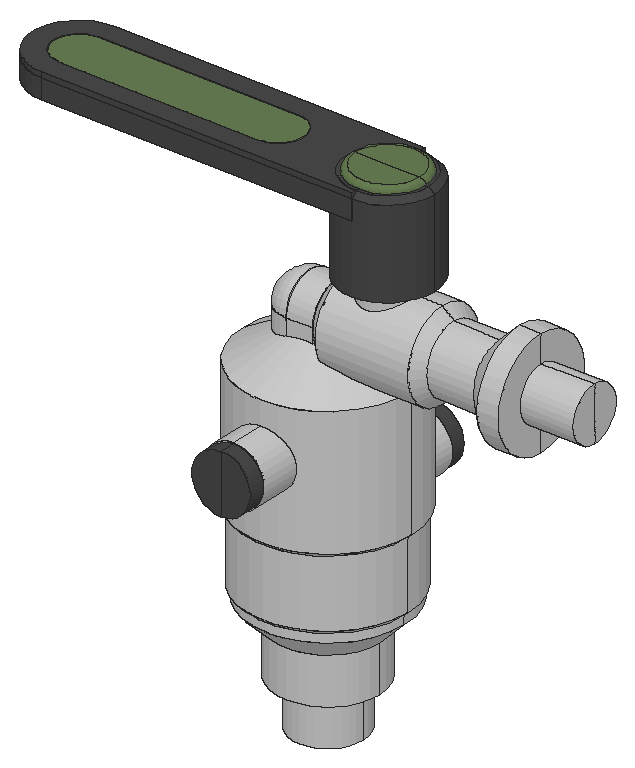
Revit family "HERZ Tap Valve With Integrated System Separator 0300", category Rohrzubehör, Revit 2019
Family settings
  Bemaßung runder Anschluss = Durchmesser verwenden
  Teiletyp = Unterbricht
  OmniClass-Nummer = 23.65.55.14
  OmniClass-Titel = Valves for Liquid Services
  Arbeitsebenenbasiert = Nein
  Immer vertikal = Ja
  Beim Laden mit Abzugskörper schneiden = Nein
  Gemeinsam genutzt = Nein
Parameters (values of type "DN15 auf DN20")
  W02 = 60.00°  # constant formula
  W01 = 45.00°  # constant formula
  URL = "www.herzvalves.com"
  System separator cartridge = "high quality, lime-repellent plastic."  # constant formula
  STL02 = 37.500 mm  # constant formula
  STL01 = 33.000 mm  # constant formula
  STD02 = 8.200 mm  # constant formula
  STD01 = 8.500 mm  # constant formula
  SCTWSEQ = "AW;SBT_TYP_AW=\"104\";2"
  SCTWCODE = "04;12;02"  # constant formula
  S05 = R03 - 2.000 mm  # 10.400 mm
  S04 = 33.000 mm  # constant formula
  S03 = 25.000 mm  # constant formula
  S02 = 45.000 mm  # constant formula
  S01 = 13.000 mm  # constant formula
  R09 = 13.000 mm  # constant formula
  R05 = 8.000 mm  # constant formula
  R04 = 8.500 mm  # constant formula
  R03 = 12.400 mm  # constant formula
  R02 = 9.500 mm  # constant formula
  R01 = 15.000 mm  # constant formula
  NennweiteEin [instance] = if([15_20], 15.000 mm, if([20_20], 20.000 mm, if([20_25], 20.000 mm, 0.000 mm)))  # 15.000 mm
  NennweiteAus [instance] = if([15_20], 20.000 mm, if([20_20], 20.000 mm, if([20_25], 25.000 mm, 0.000 mm)))  # 20.000 mm
  Model = "The system separator of type BA integrated in this take-off fitting has been developed according to the standard DIN EN 1717.\r\nAccording to this standard, the water quality is divided up into 5 classes depending on the degree of contamination.\r\nSystem separators of type BA provide protection against non-drinking water up to hazard class 4.\r\nThis is the highest hazard class that may be safeguarded with a valve.\r\nThe installation of a dirt trap upstream of the system separator helps to guarantee constant and faultless function.\r\nIt is only possible to install this fitting vertically."
  Medium = "Water (without steam)"  # constant formula
  Max. permissible temperature (short-term) = 80 °C  # constant formula
  Max. operating temperature = 65 °C  # constant formula
  Max. operating pressure = 1000000.0 Pa  # constant formula
  LO01 = 34.500 mm  # constant formula
  L11 = 77.500 mm  # constant formula
  L10 = 57.500 mm  # constant formula
  L09 = 58.000 mm  # constant formula
  L08 = 2.500 mm  # constant formula
  L07 = 26.000 mm  # constant formula
  L06 = 6.000 mm  # constant formula
  L05 = 15.000 mm  # constant formula
  L04 = 5.000 mm  # constant formula
  L03 = 100.000 mm  # constant formula
  L02 = 58.000 mm  # constant formula
  L01 = 75.000 mm  # constant formula
  Installation position = "vertical"  # constant formula
  Note = "Pursuant to Article 33 of the REACH Regulation (EC No. 1907/2006), we are obliged to point out that the material lead is listed on the SVHC list and that all brass components manufactured in our products exceed 0.1% (w / w) lead (CAS: 7439-92-1 / EINECS: 231-100-4).\r\nSince lead is a component part of an alloy, actual exposure is not possible and therefore no additional information on safe use is necessary."
  Hersteller = "HERZ Armaturen Ges.m.b.H."  # constant formula
  H08 = 15.000 mm  # constant formula
  H07 = 36.000 mm  # constant formula
  H06 = 19.000 mm  # constant formula
  H05 = 2.500 mm  # constant formula
  H04 = 13.000 mm  # constant formula
  H03 = 13.000 mm  # constant formula
  H02 = 105.000 mm  # constant formula
  H01 = 146.000 mm - H02  # 41.000 mm
  Seals = "EPDM"  # constant formula
  Part number = if([15_20], "I030001", if([20_20], "I030002", if([20_25], "I030012", "0")))  # "I030001"
  Body = "pressed brass (CW617N), chrome-plated."  # constant formula
  Application = "This take-off fitting with integrated system separator (BA) is designed for installation above a drainage fixture or for outdoor installation (e.g. as a garden valve).\r\nThe fitting comprises an intake-side ball valve and a downstream system separator of type BA according to DIN EN 1717."
  20_25 = no
  20_20 = no
  15_20 = yes
  D05 = 14.500 mm  # constant formula
  D04 = 21.500 mm  # constant formula
  D03 = 22.500 mm  # constant formula
  D02 = 7.000 mm  # constant formula
  D01 = 23.500 mm  # constant formula
  AGein [instance] = NennweiteEin / 2  # 7.500 mm
  AGaus [instance] = NennweiteAus / 2  # 10.000 mm
Types (4, lengths in mm): name | NennweiteEin | NennweiteAus | Part number | 20_25 | 20_20 | 15_20 | AGein | AGaus
  (no name) | 15.000 | 20.000 | "I030001" | no | no | yes | 7.500 | 10.000
  DN15 auf DN20 | 15.000 | 20.000 | "I030001" | no | no | yes | 7.500 | 10.000
  DN20 auf DN20 | 20.000 | 20.000 | "I030002" | no | yes | no | 10.000 | 10.000
  DN20 auf DN25 | 20.000 | 25.000 | "I030012" | yes | no | no | 10.000 | 12.500
Reference planes
  plane 1 "Mitte (Vorne/hinten)": y = 0
  plane 2: z = 0
  plane 3 "Mitte (Links/rechts)": x = 0
Forms (mm)
  Revolve 1, solid, material "Messing, vernickelt", detail levels fine
    sketch origin (0, 0, -213.5) x (1, 0, 0) y (0, 0, 1)
      loop
        line (0, 108.5) -> (0, 213.5) -> (-7, 213.5) -> (-7, 210.526) -> (-23.5, 201) -> (-23.5, 165) -> (-22.5, 164) -> (-22.5, 145) -> (-21.5, 144) -> (-21.5, 141.5) -> (-14.5, 134.5) -> (-14.5, 121.5) -> (-10, 121.5) -> (-10, 108.5) -> (0, 108.5)
      axis (0, 213.5) -> (0, 108.5)
    angle from 0 to 360
  Revolve 2, solid, material "Messing, vernickelt", detail levels fine
    sketch origin (0, 0, 0) x (1, 0, 0) y (0, 0, 1)
      loop
        line (2.5, 0) -> (75, 0) -> (75, 7.5) -> (60, 7.5) -> (60, 15) -> (54, 15) -> (48.5, 9.5) -> (35.3, 9.5) -> (32.4, 12.4) -> (6.4, 12.4) -> (2.5, 8.5) -> (2.5, 0)
      axis (2.5, 0) -> (75, 0)
    angle from 0 to 360
  Extrusion 3, solid, material "Messing, vernickelt", detail levels fine
    sketch origin (0, 0, 0) x (0, 1, 0) y (0, 0, 1)
      loop
        arc (8.5, 0) -> (0, 8.5) -> (-8.5, 0) r 8.5
        line (-8.5, 0) -> (-8.5, -12.5) -> (8.5, -12.5) -> (8.5, 0)
    from 2.5 to -5
  Extrusion 4, solid, material "Messing, vernickelt", detail levels fine
    sketch origin (0, 0, 0) x (1, 0, 0) y (0, 1, 0)
      loop
        circle (-5, 0) r 8.5
    from -20 to 0
  Revolve 5, solid, material "Messing, vernickelt", detail levels fine
    sketch origin (0, 0, 0) x (1, 0, 0) y (0, 1, 0)
      loop
        arc (-5, 8.5) -> (-11.01, 6.01) -> (-13.5, 0) r 8.5
        line (-13.5, 0) -> (-5, 0) -> (-5, 8.5)
      axis (-5, 0) -> (-13.5, 0)
    angle from 0 to 360
  Revolve 6, solid, material "Messing, vernickelt", detail levels fine
    sketch origin (0, 0, 0) x (1, 0, 0) y (0, 0, 1)
      loop
        line (17, 0) -> (25, 0) -> (25, 15) -> (17, 15) -> (17, 0)
      axis (17, 15) -> (17, 0)
    angle from 0 to 360
  Revolve 7, solid, material "Kunststoff SCHWARZ", detail levels fine
    sketch origin (0, 0, 0) x (1, 0, 0) y (0, 0, 1)
      loop
        line (17, 15) -> (30, 15) -> (30, 39.5) -> (28.5, 41) -> (17, 41) -> (17, 15)
      axis (17, 15) -> (17, 41)
    angle from 0 to 360
  Revolve 8, solid, material "Kunststoff GRÜN", detail levels fine
    sketch origin (0, 0, 0) x (1, 0, 0) y (0, 0, 1)
      loop
        line (17, 42.5) -> (17, 41) -> (27.5, 41)
        arc (27.5, 41) -> (27.061, 42.061) -> (26, 42.5) r 1.5
        line (26, 42.5) -> (17, 42.5)
      axis (17, 42.5) -> (17, 41)
    angle from 0 to 360
  Extrusion 9, solid, material "Kunststoff SCHWARZ", detail levels fine
    sketch origin (0, 0, 0) x (1, 0, 0) y (0, 1, 0)
      loop
        line (17, 13) -> (-70, 13)
        arc (-70, 13) -> (-83, 0) -> (-70, -13) r 13
        line (-70, -13) -> (17, -13) -> (17, 13)
    from 34 to 39.5
  Extrusion 10, solid, material "Kunststoff SCHWARZ", detail levels fine
    sketch origin (0, 0, 0) x (1, 0, 0) y (0, 1, 0)
      loop
        line (17, 13) -> (-70, 13)
        arc (-70, 13) -> (-83, 0) -> (-70, -13) r 13
        line (-70, -13) -> (17, -13) -> (17, 13)
      loop
        arc (-70, 7) -> (-77, 0) -> (-70, -7) r 7
        line (-70, -7) -> (-14, -7)
        arc (-14, -7) -> (-7, 0) -> (-14, 7) r 7
        line (-14, 7) -> (-70, 7)
    from 39.5 to 41
  Extrusion 11, solid, material "Kunststoff GRÜN", detail levels fine
    sketch origin (0, 0, 0) x (1, 0, 0) y (0, 1, 0)
      loop
        arc (-70, 7) -> (-77, 0) -> (-70, -7) r 7
        line (-70, -7) -> (-14, -7)
        arc (-14, -7) -> (-7, 0) -> (-14, 7) r 7
        line (-14, 7) -> (-70, 7)
    from 39.5 to 41
  Revolve 12, solid, material "Messing, vernickelt", detail levels fine
    sketch origin (0, 0, 0) x (0, 1, 0) y (0, 0, 1)
      loop
        line (0, -39) -> (0, -47.5) -> (33, -47.5) -> (33, -39) -> (0, -39)
      axis (33, -47.5) -> (0, -47.5)
    angle from 0 to 360
  Revolve 13, solid, material "Messing, vernickelt", detail levels fine
    sketch origin (0, 0, 0) x (0, -1, 0) y (0, 0, 1)
      loop
        line (0, -19) -> (0, -27.5) -> (33, -27.5) -> (33, -19) -> (0, -19)
      axis (33, -27.5) -> (0, -27.5)
    angle from 0 to 360
  Revolve 14, solid, material "Kunststoff SCHWARZ", detail levels fine
    sketch origin (0, 0, 0) x (0, 1, 0) y (0, 0, 1)
      loop
        line (-33, -27.5) -> (-33, -19.3) -> (-37.5, -19.3) -> (-37.5, -27.5) -> (-33, -27.5)
      axis (-33, -27.5) -> (-37.5, -27.5)
    angle from 0 to 360
  Revolve 15, solid, material "Kunststoff SCHWARZ", detail levels fine
    sketch origin (0, 0, 0) x (0, -1, 0) y (0, 0, 1)
      loop
        line (-33, -47.5) -> (-33, -39.3) -> (-37.5, -39.3) -> (-37.5, -47.5) -> (-33, -47.5)
      axis (-33, -47.5) -> (-37.5, -47.5)
    angle from 0 to 360
Lines and regions (mm)
  model lines, detail levels coarse+medium
    curve 1: line (35.5, 0, 12.4) -> (35.5, 0, -12.4)
    curve 2: line (35.5, 0, -12.4) -> (2.5, 0, 12.4)
    curve 3: line (2.5, 0, 12.4) -> (2.5, 0, -12.4)
    curve 4: line (2.5, 0, -12.4) -> (35.5, 0, 12.4)
    curve 5: circle (10.02, 0, 0) r 10.4 normal (0, -1, 0)
    curve 6: line (35.5, 0, 0) -> (75, 0, 0)
    curve 7: line (60, 0, 15) -> (60, 0, -15)
    curve 8: line (-23.5, 0, -12.4) -> (23.5, 0, -12.4)
    curve 9: line (-23.5, 0, -105) -> (-23.5, 0, -12.4)
    curve 10: line (23.5, 0, -105) -> (-23.5, 0, -105)
    curve 11: line (23.5, 0, -12.4) -> (23.5, 0, -105)
    curve 12: line (2.5, 0, 0) -> (0, 0, 0)
    curve 13: line (0, 0, 0) -> (0, 0, -12.4)
    curve 14: line (-10.5, 0, -105) -> (-10.5, 0, -80)
    curve 15: line (-10.5, 0, -57.4) -> (-10.5, 0, -12.4)
    curve 16: line (10.5, 0, -105) -> (10.5, 0, -80)
    curve 17: line (10.5, 0, -57.4) -> (10.5, 0, -12.4)
    curve 18: line (0, -23.5, -105) -> (0, 23.5, -105)
    curve 19: line (0, -23.5, -12.4) -> (0, -23.5, -105)
    curve 20: line (0, 23.5, -12.4) -> (0, -23.5, -12.4)
    curve 21: line (0, 23.5, -105) -> (0, 23.5, -12.4)
    curve 26: arc (0, -12.4, 0) -> (0, 0, 12.4) -> (0, 12.4, 0) r 12.4
  model lines
    curve 22: line (0, -10.5, -105) -> (0, -10.5, -80)
    curve 23: line (0, -10.5, -57.4) -> (0, -10.5, -12.4)
    curve 24: line (0, 10.5, -105) -> (0, 10.5, -80)
    curve 25: line (0, 10.5, -57.4) -> (0, 10.5, -12.4)
Dimensions and locks
  "H03": Revolve 1 sketch curve to Revolve 1 sketch curve
  "H04": Revolve 1 sketch curve to Revolve 1 sketch curve
  "H05": Revolve 1 sketch curve to Revolve 1 sketch curve
  "H06": Revolve 1 sketch curve to Revolve 1 sketch curve
  "H07": Revolve 1 sketch curve to Revolve 1 sketch curve
  "AGaus": Revolve 1 sketch curve to plane 3 "Mitte (Links/rechts)"
  "D01": Revolve 1 sketch curve to Revolve 1 sketch curve
  "D02": Revolve 1 sketch curve to Revolve 1 sketch curve
  "D05": Revolve 1 sketch curve to Revolve 1 sketch curve
  "D04": Revolve 1 sketch curve to Revolve 1 sketch curve
  "D03": Revolve 1 sketch curve to Revolve 1 sketch curve
  "H02": Revolve 1 sketch curve to Revolve 1 sketch curve
  "L01": Revolve 2 sketch curve to plane 3 "Mitte (Links/rechts)"
  "L05": Revolve 2 sketch curve to Revolve 2 sketch curve
  "L06": Revolve 2 sketch curve to Revolve 2 sketch curve
  "L07": Revolve 2 sketch curve to Revolve 2 sketch curve
  "AGein": Revolve 2 sketch curve to Revolve 2 sketch curve
  "R01": Revolve 2 sketch curve to Revolve 2 sketch curve
  "R02": Revolve 2 sketch curve to Revolve 2 sketch curve
  "R03": Revolve 2 sketch curve to Revolve 2 sketch curve
  "L08": Revolve 2 sketch curve to plane 3 "Mitte (Links/rechts)"
  "R04": Revolve 2 sketch curve to Revolve 2 sketch curve
  "H08": Revolve 6 sketch curve to plane 2
  "R05": Revolve 6 sketch curve to Revolve 6 sketch curve
  "L09": Revolve 6 sketch curve to Revolve 2
  "H08": Revolve 7 sketch curve to plane 2
  "R09": Revolve 7 sketch curve to Revolve 7 sketch curve
  "L02": Revolve 2 to Revolve 7 sketch curve
  "H01": Revolve 7 sketch curve to plane 2
  Revolve 7 sketch curve to Revolve 7 sketch curve = 11.500 mm
  "L02": Revolve 2 to Revolve 8 sketch curve
  Revolve 8 sketch curve to Revolve 7 = 1.500 mm
  "H01": Revolve 8 sketch curve to plane 2
  "L02": Extrusion 9 sketch curve to Revolve 2
  "R09": Extrusion 9 sketch curve to plane 1 "Mitte (Vorne/hinten)" to Extrusion 9 sketch curve
  "L03": Extrusion 9 sketch curve to Extrusion 9 sketch curve
  "L03": Extrusion 10 sketch curve to Extrusion 9
  "L02": Extrusion 10 sketch curve to Revolve 2
  "STL01": Revolve 12 sketch curve to plane 1 "Mitte (Vorne/hinten)"
  "STD01": Revolve 12 sketch curve to Revolve 12 sketch curve
  "L10": Revolve 1 to Revolve 12 sketch curve
  "STD01": Revolve 13 sketch curve to Revolve 13 sketch curve
  "STL01": plane 1 "Mitte (Vorne/hinten)" to Revolve 13 sketch curve
  "L11": Revolve 13 sketch curve to Revolve 1
  "STL01": plane 1 "Mitte (Vorne/hinten)" to Revolve 14 sketch curve
  "STL02": Revolve 13 to Revolve 14 sketch curve
  "STD02": Revolve 14 sketch curve to Revolve 14 sketch curve
  "L11": Revolve 1 to Revolve 14 sketch curve
  "D01": nested 1 to plane 3 "Mitte (Links/rechts)"
  "LO01": level to nested 1
  "STD02": Revolve 15 sketch curve to Revolve 15 sketch curve
  "L10": Revolve 15 sketch curve to Revolve 1
  "STL01": Revolve 15 sketch curve to plane 1 "Mitte (Vorne/hinten)"
  "STL02": Revolve 15 sketch curve to plane 1 "Mitte (Vorne/hinten)"
  "R03": curve 4 to plane 2 to curve 2
  "R03": curve 3 to plane 2 to curve 4
  "L08": plane 3 "Mitte (Links/rechts)" to curve 3
  "S04": curve 3 to curve 1
  "L01": curve 6 to plane 3 "Mitte (Links/rechts)"
  "R01": curve 7 to plane 2 to curve 7
  curve 7 to curve 6 = 15.000 mm
  "D01": curve 11 to plane 3 "Mitte (Links/rechts)" to curve 9
  "H02": plane 2 to curve 10
  "R03": plane 2 to curve 8
  "S01": curve 14 to curve 9
  "S01": curve 11 to curve 16
  "S01": curve 11 to curve 17
  "S01": curve 15 to curve 9
  "S02": curve 8 to curve 17
  "S02": curve 8 to curve 15
  "S03": curve 14 to curve 10
  "S03": curve 16 to curve 10
  "H02": plane 2 to curve 18
  "R03": plane 2 to curve 20
  "D01": curve 19 to plane 1 "Mitte (Vorne/hinten)" to curve 21
  "S01": curve 19 to curve 22
  "S01": curve 24 to curve 21
  "S01": curve 25 to curve 21
  "S01": curve 19 to curve 23
  "S03": curve 18 to curve 22
  "S03": curve 18 to curve 24
  "S02": curve 20 to curve 25
  "S02": curve 20 to curve 23
  "S05": radius of curve 5
  "R03": radius of curve 26
  "W01": angle Revolve 1 sketch curve to Revolve 1 sketch curve  (x3)
  "W02": angle Revolve 1 sketch curve to Revolve 1 sketch curve
  "W01": angle Revolve 2 sketch curve to Revolve 2 sketch curve  (x3)
  "W01": angle Revolve 7 sketch curve to Revolve 7 sketch curve
  aligned and locked: level to plane 2
Automatic sketch dimensions
  Extrusion 3 sketch curve to level = 0.000 mm  (x2)
  Extrusion 3 sketch curve to plane 1 "Mitte (Vorne/hinten)" = 0.000 mm
  plane 1 "Mitte (Vorne/hinten)" to Extrusion 3 sketch curve = 8.500 mm
  Extrusion 3 sketch curve to level = 12.500 mm
  plane 1 "Mitte (Vorne/hinten)" to Extrusion 4 sketch curve = 0.000 mm
  Extrusion 4 sketch curve to plane 3 "Mitte (Links/rechts)" = 5.000 mm
  Revolve 5 sketch curve to plane 1 "Mitte (Vorne/hinten)" = 0.000 mm
  plane 1 "Mitte (Vorne/hinten)" to Revolve 5 sketch curve = 0.000 mm
  Revolve 5 sketch curve to plane 3 "Mitte (Links/rechts)" = 13.500 mm
  Revolve 5 sketch curve to plane 3 "Mitte (Links/rechts)" = 5.000 mm
  Revolve 5 sketch curve to Revolve 5 sketch curve = 1986.500 mm
  plane 3 "Mitte (Links/rechts)" to Revolve 5 sketch curve = 2000.000 mm
  plane 1 "Mitte (Vorne/hinten)" to Extrusion 11 sketch curve = 0.000 mm
  Extrusion 11 sketch curve to plane 3 "Mitte (Links/rechts)" = 70.000 mm
  Extrusion 11 sketch curve to plane 1 "Mitte (Vorne/hinten)" = 7.000 mm
  Extrusion 11 sketch curve to plane 3 "Mitte (Links/rechts)" = 14.000 mm
  curve 26 to level = 0.000 mm
  curve 26 to plane 1 "Mitte (Vorne/hinten)" = 0.000 mm
  curve 12 to level = 0.000 mm
  curve 12 to plane 3 "Mitte (Links/rechts)" = 0.000 mm
  curve 5 to level = 0.000 mm
  curve 6 to level = 0.000 mm
  plane 3 "Mitte (Links/rechts)" to curve 3 = 2.500 mm
  curve 12 to curve 5 = 7.520 mm
  Revolve 1 sketch curve to level = 0.000 mm
  Revolve 1 sketch curve to plane 3 "Mitte (Links/rechts)" = 0.000 mm  (x2)
  Revolve 1 sketch curve to Revolve 1 sketch curve = 261.045 mm
  level to Revolve 1 sketch curve = 2214.315 mm
  Revolve 2 sketch curve to level = 0.000 mm  (x2)
  Revolve 2 sketch curve to plane 3 "Mitte (Links/rechts)" = 1506.530 mm
  Revolve 2 sketch curve to Revolve 2 sketch curve = 1764.148 mm
  Revolve 6 sketch curve to level = 0.000 mm  (x2)
  Revolve 6 sketch curve to Revolve 6 sketch curve = 0.000 mm  (x2)
  Revolve 7 sketch curve to Revolve 7 sketch curve = 0.000 mm  (x3)
  Revolve 8 sketch curve to Revolve 8 sketch curve = 9.000 mm
  Revolve 8 sketch curve to Revolve 8 sketch curve = 0.000 mm  (x3)
  Extrusion 9 sketch curve to Extrusion 9 sketch curve = 0.000 mm
  Extrusion 10 sketch curve to Extrusion 10 sketch curve = 0.000 mm  (x2)
  plane 1 "Mitte (Vorne/hinten)" to Extrusion 10 sketch curve = 0.000 mm
  Extrusion 10 sketch curve to plane 1 "Mitte (Vorne/hinten)" = 7.000 mm
  Extrusion 10 sketch curve to plane 3 "Mitte (Links/rechts)" = 14.000 mm
  Extrusion 10 sketch curve to Extrusion 10 sketch curve = 56.000 mm
  Revolve 12 sketch curve to plane 1 "Mitte (Vorne/hinten)" = 0.000 mm  (x2)
  Revolve 12 sketch curve to Revolve 12 sketch curve = 0.000 mm  (x2)
  Revolve 13 sketch curve to plane 1 "Mitte (Vorne/hinten)" = 0.000 mm  (x2)
  Revolve 13 sketch curve to Revolve 13 sketch curve = 0.000 mm  (x2)
  Revolve 14 sketch curve to Revolve 14 sketch curve = 0.000 mm  (x3)
  Revolve 15 sketch curve to Revolve 15 sketch curve = 0.000 mm  (x3)
  radius of Extrusion 4 sketch curve = 8.500 mm
Nested families
  nested 1: "Herz-Logo-vorne" at (-23.5, 0, -39), type "Herz-Logo-vorne", detail levels fine
Connectors
  piping at (0, 0, -105), diameter 20, driven by "NennweiteAus"
    settings: on Revolve 1, index 1, connector inside diameter 609.6 mm, connector length 0.000 mm, flow factor 0, pipe flow 0.0 L/s, pressure drop 0.0 Pa, fitting loss kfactor 0, connector angle 0.00°, fixture units 0, engagement length 0.000 mm, angle of deflection 0.00°, flow configuration 0, flow direction 2, fitting loss method 0, system type 29, joint type 0, gender type 0, connector reference index -1, connector utility 0, adjustable connector no, is connector primary yes, connector description ""
  piping at (75, 0, 0), diameter 15, driven by "NennweiteEin"
    settings: on Revolve 2, index 2, connector inside diameter 609.6 mm, connector length 0.000 mm, flow factor 0, pipe flow 0.0 L/s, pressure drop 0.0 Pa, fitting loss kfactor 0, connector angle 0.00°, fixture units 0, engagement length 0.000 mm, angle of deflection 0.00°, flow configuration 0, flow direction 1, fitting loss method 0, system type 29, joint type 0, gender type 0, connector reference index -1, connector utility 0, adjustable connector no, is connector primary no, connector description ""
Definition of nested family "Herz-Logo-vorne"
  Reference planes
    plane 1 "Mitte (Vorne/hinten)": y = 0
    plane 2: z = 0
    plane 3 "Mitte (Links/rechts)": x = 0
  Forms (mm)
    Extrusion 1, solid
      sketch origin (0.732, -0.018, 0.017) x (0, -1, 0) y (0, 0, 1)
        loop
          line (-0.018, -4.517) -> (4.482, -4.517) -> (4.482, 4.483) -> (-4.518, 4.483) -> (-4.518, -4.517) -> (-0.018, -4.517)
        loop
          line (-0.05, -3.48) -> (3.482, -3.48) -> (3.482, 3.483) -> (-3.518, 3.483) -> (-3.518, -3.48) -> (-0.05, -3.48)
        loop
          arc (-0.018, 2.383) -> (-1.543, 3.287) -> (-3.067, 2.383) r 1.738
          arc (-3.067, 2.383) -> (-3.191, 1.899) -> (-3.067, 1.415) r 1.009
          line (-3.067, 1.415) -> (-0.018, -3.281) -> (3.032, 1.415)
          arc (3.032, 1.415) -> (3.156, 1.899) -> (3.032, 2.383) r 1.009
          arc (3.032, 2.383) -> (1.507, 3.287) -> (-0.018, 2.383) r 1.738
        loop
          arc (1.885, 1.272) -> (2.005, 1.675) -> (1.885, 2.079) r 0.74
          arc (1.885, 2.079) -> (1.265, 2.416) -> (0.644, 2.079) r 0.74
          line (0.644, 2.079) -> (-0.018, 0.97) -> (-0.679, 2.079)
          arc (-0.679, 2.079) -> (-1.3, 2.416) -> (-1.921, 2.079) r 0.74
          arc (-1.921, 2.079) -> (-2.04, 1.675) -> (-1.921, 1.272) r 0.74
          line (-1.921, 1.272) -> (-0.018, -1.658) -> (1.885, 1.272)
      from 0 to 1.5
  Dimensions and locks
    aligned and locked: level to plane 2
